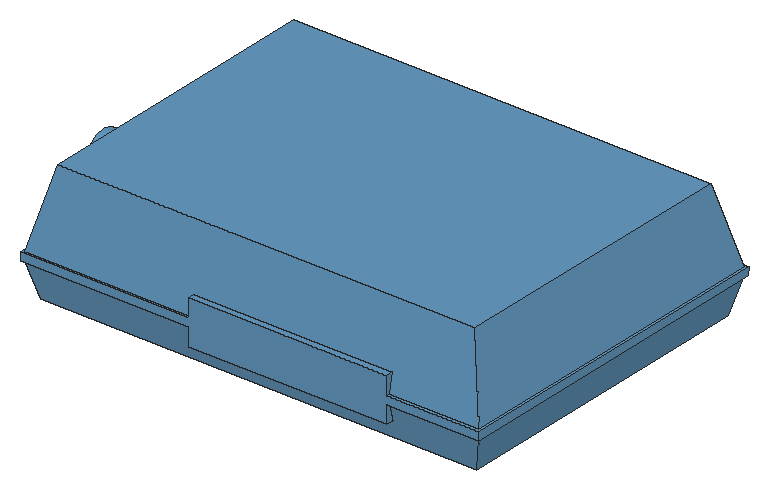
Revit family "NXHNB_Series", category Data Devices, host Face, Revit 2021
Family settings
  Host = Face
  Maintain Annotation Orientation = Yes
  Round Connector Dimension = Use Diameter
  Part Type = Normal
  OmniClass Number = 23.85.50.17.11
  OmniClass Title = Computer Network Equipment
  Cut with Voids When Loaded = No
  Shared = No
  Room Calculation Point = No
Parameters (values of type "NXHNB")
  Electrical Rating Input = "50mA @12/24 volts DC, supplied by room controller SmartPort"  # constant formula
  Warranty = "Five-year limited"  # constant formula
  Voltage = 24 V
  URL = "https://www.currentlighting.com/nxlightingcontrols"
  Type Comments = "Data Devices"  # constant formula
  Network = "Ethernet IEEE803i, 10BASE-T, PoE Mode B"  # constant formula
  Product Page URL = ""
  Product Documentation Link = ""
  Power Factor = 1
  Operating Temperature = "0° to 40°"  # constant formula
  Relative humidity = "0 to 95%"  # constant formula
  Model = "NXHNB Series"  # constant formula
  Manufacturer = " NX Lighting Controls"  # constant formula
  Load Classification = Other
  Keynote = ""
  Construction Housing = "GSM UL Rated 94 HB Plastic; Plenum rated Complies with requirements for use in plenum"  # constant formula
  Device Material = Blue
  Description = "Network Bridge Module"  # constant formula
  Default Elevation = 48.00"
  DC adjustment range = "Rated output voltage: +/-10%"  # constant formula
  Copyright = "Copyright ©  NX Lighting Controls"  # constant formula
  Contact Us = ""
  Connector Description 2 = "Communication"  # constant formula
  Connector Description 1 = "Power Supply"  # constant formula
  Certifications = "Title 24, c UL us"  # constant formula
  Assembly Code = "D50"
  Apparent Load = 0.000 VA
  Mounting = "Mounts directly to a junction box through an extended 1/2” chase nipple, mechanical only, no electrical connection"  # constant formula
Reference planes (in)
  plane 1 "Center (Front/Back)": y = 0
  plane 2 "Bottom": z = 0
  plane 3 "Center (Left/Right)": x = 0
  plane 4: z = 1.37
  plane 5: y = 1.925
  plane 6: y = -1.925
  plane 7: x = -2.625
  plane 8: x = 2.625
  plane 9: y = 0.25
  plane 10: y = -0.25
  plane 11: x = -3.215
  plane 12: z = 0.7
  plane 13: z = 0.45
  plane 14: z = 0.2
  plane 15: x = 1.56779
  plane 16: x = -0.69783
Forms (in)
  Extrusion 1, solid, material "Blue" <- "Device Material"
    sketch origin (0, 0, 0.09375) x (0, -1, 0) y (1, 0, 0)
      loop
        line (-1.925, -2.625) -> (1.925, -2.625) -> (1.925, 2.625) -> (-1.925, 2.625) -> (-1.925, -2.625)
    from -0.09375 to 1.27625
  Sweep 2, void
    path origin (0, 0, 0.09375) x (0, -1, 0) y (1, 0, 0)
      loop
        line (-1.925, -2.625) -> (1.925, -2.625) -> (1.925, 2.625) -> (-1.925, 2.625) -> (-1.925, -2.625)
    profile origin (-2.625, 0, 0.09375) x (-1, 0, 0) y (0, 0, 1)
      loop
        line (-0.031, 0.40198) -> (0, 0.40198) -> (0, 1.27625) -> (-0.23754, 1.27625) -> (-0.031, 0.40198)
      loop
        line (-0.031, 0.31052) -> (-0.13254, -0.09375) -> (0, -0.09375) -> (0, 0.31052) -> (-0.031, 0.31052)
  Extrusion 3, solid, material "Blue" <- "Device Material"
    sketch origin (0, 0, 0) x (1, 0, 0) y (0, 0, 1)
      loop
        line (-0.69783, 0.7) -> (-0.69783, 0.2) -> (1.56779, 0.2) -> (1.56779, 0.7) -> (-0.69783, 0.7)
    from 1.68746 to 1.925
  Extrusion 4, solid, material "Blue" <- "Device Material"
    sketch origin (0, 0, 0) x (0, 1, 0) y (0, 0, 1)
      loop
        circle (0, 0.45) r 0.25
    from -3.215 to -2.38746
Cuts and joins
  Sweep 2 cuts Extrusion 1
  joined: Extrusion 1, Extrusion 3, Extrusion 4
Lines and regions (in)
  model lines
    curve 1: line (1.02868, -1.925, 0.58895) -> (1.02868, -1.925, 0.2601)
    curve 2: line (1.02868, -1.925, 0.2601) -> (1.52217, -1.925, 0.2601)
    curve 3: line (1.52217, -1.925, 0.2601) -> (1.52217, -1.925, 0.58895)
    curve 4: line (1.52217, -1.925, 0.58895) -> (1.44865, -1.925, 0.58895)
    curve 5: line (1.44865, -1.925, 0.62853) -> (1.42533, -1.925, 0.62853)
    curve 6: line (1.42533, -1.925, 0.62853) -> (1.42533, -1.925, 0.65059)
    curve 7: line (1.42533, -1.925, 0.65059) -> (1.12553, -1.925, 0.65059)
    curve 8: line (1.02868, -1.925, 0.58895) -> (1.10221, -1.925, 0.58895)
    curve 9: line (1.10221, -1.925, 0.58895) -> (1.10221, -1.925, 0.62853)
    curve 10: line (1.10221, -1.925, 0.62853) -> (1.12553, -1.925, 0.62853)
    curve 11: line (1.12553, -1.925, 0.62853) -> (1.12553, -1.925, 0.65059)
    curve 12: line (1.44865, -1.925, 0.58895) -> (1.44865, -1.925, 0.62853)
    curve 13: line (0.95912, -1.925, 0.58895) -> (0.95912, -1.925, 0.2601)
    curve 14: line (0.95912, -1.925, 0.2601) -> (0.46563, -1.925, 0.2601)
    curve 15: line (0.46563, -1.925, 0.2601) -> (0.46563, -1.925, 0.58895)
    curve 16: line (0.46563, -1.925, 0.58895) -> (0.53916, -1.925, 0.58895)
    curve 17: line (0.53916, -1.925, 0.62853) -> (0.56248, -1.925, 0.62853)
    curve 18: line (0.56248, -1.925, 0.62853) -> (0.56248, -1.925, 0.65059)
    curve 19: line (0.56248, -1.925, 0.65059) -> (0.86227, -1.925, 0.65059)
    curve 20: line (0.95912, -1.925, 0.58895) -> (0.88559, -1.925, 0.58895)
    curve 21: line (0.88559, -1.925, 0.58895) -> (0.88559, -1.925, 0.62853)
    curve 22: line (0.88559, -1.925, 0.62853) -> (0.86227, -1.925, 0.62853)
    curve 23: line (0.86227, -1.925, 0.62853) -> (0.86227, -1.925, 0.65059)
    curve 24: line (0.53916, -1.925, 0.58895) -> (0.53916, -1.925, 0.62853)
    curve 25: line (0.39607, -1.925, 0.58895) -> (0.39607, -1.925, 0.2601)
    curve 26: line (0.39607, -1.925, 0.2601) -> (-0.09742, -1.925, 0.2601)
    curve 27: line (-0.09742, -1.925, 0.2601) -> (-0.09742, -1.925, 0.58895)
    curve 28: line (-0.09742, -1.925, 0.58895) -> (-0.0239, -1.925, 0.58895)
    curve 29: line (-0.0239, -1.925, 0.62853) -> (-0.00058, -1.925, 0.62853)
    curve 30: line (-0.00058, -1.925, 0.62853) -> (-0.00058, -1.925, 0.65059)
    curve 31: line (-0.00058, -1.925, 0.65059) -> (0.29922, -1.925, 0.65059)
    curve 32: line (0.39607, -1.925, 0.58895) -> (0.32254, -1.925, 0.58895)
    curve 33: line (0.32254, -1.925, 0.58895) -> (0.32254, -1.925, 0.62853)
    curve 34: line (0.32254, -1.925, 0.62853) -> (0.29922, -1.925, 0.62853)
    curve 35: line (0.29922, -1.925, 0.62853) -> (0.29922, -1.925, 0.65059)
    curve 36: line (-0.0239, -1.925, 0.58895) -> (-0.0239, -1.925, 0.62853)
    curve 37: line (-0.66048, -1.925, 0.58895) -> (-0.66048, -1.925, 0.2601)
    curve 38: line (-0.66048, -1.925, 0.2601) -> (-0.16699, -1.925, 0.2601)
    curve 39: line (-0.16699, -1.925, 0.2601) -> (-0.16699, -1.925, 0.58895)
    curve 40: line (-0.16699, -1.925, 0.58895) -> (-0.24051, -1.925, 0.58895)
    curve 41: line (-0.24051, -1.925, 0.62853) -> (-0.26383, -1.925, 0.62853)
    curve 42: line (-0.26383, -1.925, 0.62853) -> (-0.26383, -1.925, 0.65059)
    curve 43: line (-0.26383, -1.925, 0.65059) -> (-0.56363, -1.925, 0.65059)
    curve 44: line (-0.66048, -1.925, 0.58895) -> (-0.58695, -1.925, 0.58895)
    curve 45: line (-0.58695, -1.925, 0.58895) -> (-0.58695, -1.925, 0.62853)
    curve 46: line (-0.58695, -1.925, 0.62853) -> (-0.56363, -1.925, 0.62853)
    curve 47: line (-0.56363, -1.925, 0.62853) -> (-0.56363, -1.925, 0.65059)
    curve 48: line (-0.24051, -1.925, 0.58895) -> (-0.24051, -1.925, 0.62853)
    curve 49: line (2.1875, 1.68746, 1.37) -> (2.1875, -1.68746, 1.37)
    curve 50: line (2.14989, 1.68746, 1.37) -> (2.14989, -1.68746, 1.37)
    curve 51: line (2.02451, 1.68746, 1.37) -> (2.02451, -1.68746, 1.37)
    curve 52: line (1.9869, 1.68746, 1.37) -> (1.9869, -1.68746, 1.37)
    curve 53: line (1.86152, 1.68746, 1.37) -> (1.86152, -1.68746, 1.37)
    curve 54: line (1.82391, 1.68746, 1.37) -> (1.82391, -1.68746, 1.37)
    curve 55: line (1.69853, 1.68746, 1.37) -> (1.69853, -1.68746, 1.37)
    curve 56: line (1.66092, 1.68746, 1.37) -> (1.66092, -1.68746, 1.37)
    curve 57: line (2.1875, 1.79246, 0) -> (2.1875, -1.79246, 0)
    curve 58: line (2.14989, 1.79246, 0) -> (2.14989, -1.79246, 0)
    curve 59: line (2.02451, 1.79246, 0) -> (2.02451, -1.79246, 0)
    curve 60: line (1.9869, 1.79246, 0) -> (1.9869, -1.79246, 0)
    curve 61: line (1.86152, 1.79246, 0) -> (1.86152, -1.79246, 0)
    curve 62: line (1.82391, 1.79246, 0) -> (1.82391, -1.79246, 0)
    curve 63: line (1.69853, 1.79246, 0) -> (1.69853, -1.79246, 0)
    curve 64: line (1.66092, 1.79246, 0) -> (1.66092, -1.79246, 0)
    curve 65: line (2.1875, -1.68746, 1.37) -> (2.1875, -1.894, 0.49573)
    curve 66: line (2.14989, -1.68746, 1.37) -> (2.14989, -1.894, 0.49573)
    curve 67: line (2.02451, -1.68746, 1.37) -> (2.02451, -1.894, 0.49573)
    curve 68: line (1.9869, -1.68746, 1.37) -> (1.9869, -1.894, 0.49573)
    curve 69: line (1.86152, -1.68746, 1.37) -> (1.86152, -1.894, 0.49573)
    curve 70: line (1.82391, -1.68746, 1.37) -> (1.82391, -1.894, 0.49573)
    curve 71: line (1.69853, -1.68746, 1.37) -> (1.69853, -1.894, 0.49573)
    curve 72: line (1.66092, -1.68746, 1.37) -> (1.66092, -1.894, 0.49573)
    curve 73: line (2.1875, -1.79246, 0) -> (2.1875, -1.894, 0.40427)
    curve 74: line (2.14989, -1.79246, 0) -> (2.14989, -1.894, 0.40427)
    curve 75: line (2.02451, -1.79246, 0) -> (2.02451, -1.894, 0.40427)
    curve 76: line (1.9869, -1.79246, 0) -> (1.9869, -1.894, 0.40427)
    curve 77: line (1.86152, -1.79246, 0) -> (1.86152, -1.894, 0.40427)
    curve 78: line (1.82391, -1.79246, 0) -> (1.82391, -1.894, 0.40427)
    curve 79: line (1.69853, -1.79246, 0) -> (1.69853, -1.894, 0.40427)
    curve 80: line (1.66092, -1.79246, 0) -> (1.66092, -1.894, 0.40427)
    curve 81: line (2.1875, 1.68746, 1.37) -> (2.1875, 1.894, 0.49573)
    curve 82: line (2.14989, 1.68746, 1.37) -> (2.14989, 1.894, 0.49573)
    curve 83: line (2.02451, 1.68746, 1.37) -> (2.02451, 1.894, 0.49573)
    curve 84: line (1.9869, 1.68746, 1.37) -> (1.9869, 1.894, 0.49573)
    curve 85: line (1.86152, 1.68746, 1.37) -> (1.86152, 1.894, 0.49573)
    curve 86: line (1.82391, 1.68746, 1.37) -> (1.82391, 1.894, 0.49573)
    curve 87: line (1.69853, 1.68746, 1.37) -> (1.69853, 1.894, 0.49573)
    curve 88: line (1.66092, 1.68746, 1.37) -> (1.66092, 1.894, 0.49573)
    curve 89: line (2.1875, 1.79246, 0) -> (2.1875, 1.894, 0.40427)
    curve 90: line (2.14989, 1.79246, 0) -> (2.14989, 1.894, 0.40427)
    curve 91: line (2.02451, 1.79246, 0) -> (2.02451, 1.894, 0.40427)
    curve 92: line (1.9869, 1.79246, 0) -> (1.9869, 1.894, 0.40427)
    curve 93: line (1.86152, 1.79246, 0) -> (1.86152, 1.894, 0.40427)
    curve 94: line (1.82391, 1.79246, 0) -> (1.82391, 1.894, 0.40427)
    curve 95: line (1.69853, 1.79246, 0) -> (1.69853, 1.894, 0.40427)
    curve 96: line (1.66092, 1.79246, 0) -> (1.66092, 1.894, 0.40427)
Dimensions and locks (in)
  equal spacing: plane 7, plane 3 "Center (Left/Right)", plane 8, locked at 2.625 each
  equal spacing: plane 10, plane 1 "Center (Front/Back)", plane 9
  equal spacing: plane 5, plane 1 "Center (Front/Back)", plane 6
  plane 4 to plane 2 "Bottom" = 1.37"
  locked: plane 7 to plane 8 at 5.25
  locked: plane 6 to plane 5 at 3.85
  locked: plane 9 to plane 10 at 0.5
  locked: plane 11 to plane 8 at 5.84
  equal spacing: plane 12, plane 13, plane 14, locked at 0.25 each
  locked: plane 4 to plane 2 "Bottom" at 1.37
  aligned and locked: plane 2 "Bottom" to host face
  aligned and locked: level to host face
  aligned and locked: Extrusion 1 sketch curve to plane 7
  aligned and locked: Extrusion 1 sketch curve to plane 6
  aligned and locked: Extrusion 1 sketch curve to plane 8
  aligned and locked: Extrusion 1 sketch curve to plane 5
  aligned and locked: Extrusion 1 to plane 2 "Bottom"
  aligned and locked: plane 4 to Extrusion 1
  aligned and locked: Sweep 2 sketch curve to Extrusion 1  (x4)
  aligned and locked: Extrusion 3 sketch curve to plane 12
  aligned and locked: plane 14 to Extrusion 3 sketch curve
  aligned and locked: plane 15 to Extrusion 3 sketch curve
  aligned and locked: plane 6 to Extrusion 3
  aligned and locked: plane 16 to Extrusion 3 sketch curve
  aligned and locked: plane 1 "Center (Front/Back)" to Extrusion 4 sketch curve
  aligned and locked: plane 13 to Extrusion 4 sketch curve
  aligned and locked: plane 11 to Extrusion 4
  aligned and locked: Sweep 2 to Extrusion 4
  aligned and locked: Sweep 2 to Extrusion 3
Automatic sketch dimensions
  host sketch curve to host sketch curve = 96.00"  (x2)
  Sweep 2 sketch curve to profile plane = 0.00"  (x2)
  Sweep 2 sketch curve to Sweep 2 sketch curve = 0.031"  (x2)
  Sweep 2 sketch curve to Sweep 2 sketch curve = 0.13254"
  Sweep 2 sketch curve to Sweep 2 sketch curve = 0.23754"
  Sweep 2 sketch curve to profile plane = 0.09375"
  profile plane to Sweep 2 sketch curve = 0.31052"
  Sweep 2 sketch curve to Sweep 2 sketch curve = 0.09145"
  Sweep 2 sketch curve to Sweep 2 sketch curve = 0.87427"
  curve 4 to Extrusion 1 = 1.10283"
  curve 3 to curve 12 = 0.07353"
  curve 5 to curve 7 = 0.02332"
  curve 6 to curve 7 = 0.2998"
  curve 10 to curve 9 = 0.02332"
  curve 8 to curve 8 = 0.07353"
  curve 1 to curve 13 = 0.06956"
  curve 13 to curve 20 = 0.07353"
  curve 21 to curve 23 = 0.02332"
  curve 19 to curve 18 = 0.2998"
  curve 17 to curve 16 = 0.02332"
  curve 16 to curve 15 = 0.07353"
  curve 15 to curve 25 = 0.06956"
  curve 25 to curve 34 = 0.07353"
  curve 33 to curve 35 = 0.02332"
  curve 34 to curve 30 = 0.2998"
  curve 29 to curve 28 = 0.02332"
  curve 28 to curve 28 = 0.07353"
  curve 27 to curve 39 = 0.06956"
  curve 39 to curve 48 = 0.07353"
  curve 41 to curve 41 = 0.02332"
  curve 42 to curve 47 = 0.2998"
  curve 46 to curve 44 = 0.02332"
  curve 44 to curve 44 = 0.07353"
  Extrusion 1 to curve 43 = 0.65059"
  Extrusion 1 to curve 19 = 0.65059"
  curve 35 to curve 18 = 0.00"
  curve 6 to curve 19 = 0.00"
  curve 31 to curve 34 = 0.02206"
  curve 7 to curve 9 = 0.02206"
  curve 6 to curve 6 = 0.02206"
  curve 43 to curve 46 = 0.02206"
  curve 30 to curve 30 = 0.02206"
  curve 18 to curve 17 = 0.02206"
  curve 42 to curve 42 = 0.02206"
  curve 19 to curve 21 = 0.02206"
  curve 33 to curve 25 = 0.03958"
  curve 45 to curve 44 = 0.03958"
  curve 17 to curve 24 = 0.03958"
  curve 21 to curve 21 = 0.03958"
  curve 29 to curve 27 = 0.03958"
  curve 5 to curve 12 = 0.03958"
  curve 9 to curve 9 = 0.03958"
  curve 41 to curve 48 = 0.03958"
  Extrusion 1 to curve 38 = 0.2601"
  curve 27 to curve 38 = 0.00"
  curve 15 to curve 25 = 0.00"
  Extrusion 1 to curve 3 = 0.2601"
  curve 49 to Extrusion 1 = 0.23754"
  curve 56 to Extrusion 1 = 0.23754"
  curve 56 to Extrusion 1 = 0.96408"
  curve 50 to curve 49 = 0.00"  (x2)
  curve 56 to curve 55 = 0.00"  (x2)
  curve 51 to curve 50 = 0.00"  (x2)
  curve 55 to curve 54 = 0.00"  (x2)
  curve 52 to curve 51 = 0.00"  (x2)
  curve 54 to curve 53 = 0.00"  (x2)
  curve 53 to Extrusion 1 = 0.23754"
  curve 53 to curve 51 = 0.00"
  curve 56 to curve 55 = 0.03761"
  curve 55 to curve 54 = 0.12538"
  curve 54 to curve 53 = 0.03761"
  curve 53 to curve 52 = 0.12538"
  curve 52 to curve 51 = 0.03761"
  curve 51 to curve 50 = 0.12538"
  curve 50 to curve 49 = 0.03761"
  Extrusion 1 to curve 57 = 0.13254"
  Extrusion 1 to curve 64 = 0.13254"
  Extrusion 1 to curve 64 = 0.96408"
  curve 58 to curve 57 = 0.00"  (x2)
  curve 64 to curve 63 = 0.00"  (x2)
  curve 59 to curve 58 = 0.00"  (x2)
  curve 63 to curve 62 = 0.00"  (x2)
  curve 60 to curve 59 = 0.00"  (x2)
  curve 62 to curve 61 = 0.00"  (x2)
  Extrusion 1 to curve 61 = 0.13254"
  Extrusion 1 to curve 59 = 0.13254"
  curve 64 to curve 63 = 0.03761"
  curve 63 to curve 62 = 0.12538"
  curve 62 to curve 61 = 0.03761"
  curve 61 to curve 60 = 0.12538"
  curve 60 to curve 59 = 0.03761"
  curve 59 to curve 58 = 0.12538"
  curve 58 to curve 57 = 0.03761"
  curve 65 to plane 8 = 0.4375"
  curve 72 to curve 65 = 0.00"
  curve 66 to curve 65 = 0.00"  (x2)
  curve 72 to curve 71 = 0.00"  (x2)
  curve 67 to curve 66 = 0.00"  (x2)
  curve 71 to curve 70 = 0.00"  (x2)
  curve 68 to curve 67 = 0.00"  (x2)
  curve 70 to curve 69 = 0.00"  (x2)
  curve 69 to curve 69 = 0.89834"
  curve 69 to curve 67 = 0.00"
  curve 65 to curve 66 = 0.03761"
  curve 66 to curve 67 = 0.12538"
  curve 67 to curve 68 = 0.03761"
  curve 68 to curve 69 = 0.12538"
  curve 69 to curve 70 = 0.03761"
  curve 70 to curve 71 = 0.12538"
  curve 71 to curve 72 = 0.03761"
  curve 73 to plane 8 = 0.4375"
  curve 80 to curve 73 = 0.00"
  curve 74 to curve 73 = 0.00"  (x2)
  curve 80 to curve 79 = 0.00"  (x2)
  curve 75 to curve 74 = 0.00"  (x2)
  curve 79 to curve 78 = 0.00"  (x2)
  curve 76 to curve 75 = 0.00"  (x2)
  curve 78 to curve 77 = 0.00"  (x2)
  curve 77 to curve 77 = 0.41683"
  curve 77 to curve 75 = 0.00"
  curve 74 to curve 73 = 0.03761"
  curve 75 to curve 74 = 0.12538"
  curve 76 to curve 75 = 0.03761"
  curve 77 to curve 76 = 0.12538"
  curve 78 to curve 77 = 0.03761"
  curve 79 to curve 78 = 0.12538"
  curve 80 to curve 79 = 0.03761"
  curve 81 to plane 8 = 0.4375"
  curve 88 to curve 81 = 0.00"
  curve 82 to curve 81 = 0.00"  (x2)
  curve 88 to curve 87 = 0.00"  (x2)
  curve 83 to curve 82 = 0.00"  (x2)
  curve 87 to curve 86 = 0.00"  (x2)
  curve 84 to curve 83 = 0.00"  (x2)
  curve 86 to curve 85 = 0.00"  (x2)
  curve 85 to curve 85 = 0.89834"
  curve 85 to curve 83 = 0.00"
  curve 82 to curve 81 = 0.03761"
  curve 83 to curve 82 = 0.12538"
  curve 84 to curve 83 = 0.03761"
  curve 85 to curve 84 = 0.12538"
  curve 86 to curve 85 = 0.03761"
  curve 87 to curve 86 = 0.12538"
  curve 88 to curve 87 = 0.03761"
  curve 89 to plane 8 = 0.4375"
  curve 96 to curve 89 = 0.00"
  curve 90 to curve 89 = 0.00"  (x2)
  curve 96 to curve 95 = 0.00"  (x2)
  curve 91 to curve 90 = 0.00"  (x2)
  curve 95 to curve 94 = 0.00"  (x2)
  curve 92 to curve 91 = 0.00"  (x2)
  curve 94 to curve 93 = 0.00"  (x2)
  curve 93 to curve 93 = 0.41683"
  curve 93 to curve 91 = 0.00"
  curve 89 to curve 90 = 0.03761"
  curve 90 to curve 91 = 0.12538"
  curve 91 to curve 92 = 0.03761"
  curve 92 to curve 93 = 0.12538"
  curve 93 to curve 94 = 0.03761"
  curve 94 to curve 95 = 0.12538"
  curve 95 to curve 96 = 0.03761"
  radius of Extrusion 4 sketch curve = 0.25"
Connectors (in)
  electrical at (0, 0, 0), driven by "Load Classification", driven by "Apparent Load", driven by "Power Factor", driven by "Connector Description 1", driven by "Voltage"
    settings: on cut or joined group of Extrusion 1, Sweep 2, Extrusion 3, Extrusion 4, index 1, voltage 24 V, apparent load 0.000 VA, apparent load phase1 0.000 VA, apparent load phase2 0.000 VA, apparent load phase3 0.000 VA, power factor 1, load classification "Other", number of poles 1, system type 30, power factor state 1, is connector primary yes, connector utility no, sub classification motor no, connector description "Power Supply"
  electrical at (0, 0, 0), driven by "Connector Description 2"
    settings: on cut or joined group of Extrusion 1, Sweep 2, Extrusion 3, Extrusion 4, index 2, voltage 0 V, apparent load 0.000 VA, apparent load phase1 0.000 VA, apparent load phase2 0.000 VA, apparent load phase3 0.000 VA, power factor 1, load classification "Other", number of poles 1, system type 14, power factor state 1, is connector primary no, connector utility no, sub classification motor no, connector description "Communication"
  cabletrayconduit at (-3.215, 0, 0.45), diameter 0.5
    settings: on cut or joined group of Extrusion 1, Sweep 2, Extrusion 3, Extrusion 4, index 3, connector width 12.00", connector height 12.00", connector angle 0.00°, system type 32, placement type 0, profile type 0, connector reference index -1, is primary connector yes, connector utility param no, connector description "Conduit Connector"
